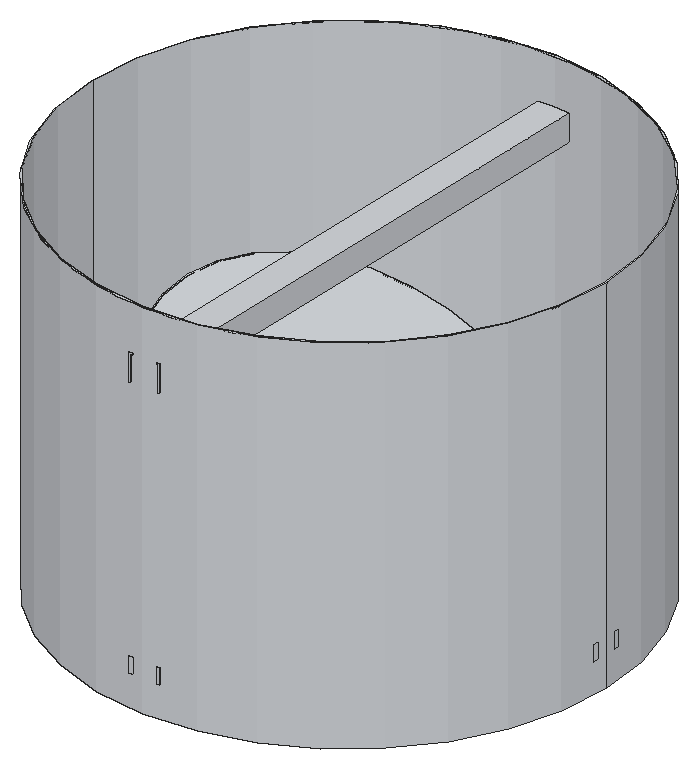
Revit family "I-200-F", category Mechanical Equipment, Revit 2015
Parameters
  X [instance] = (E / 2) / 11.4301  # 0' - 1.05807"
  URL = "https://unitedenertech.com/catalog/pdf/I-200%20Model%20(1).pdf"
  Type Comments = "Consult Factory For Max. Sizes"
  Radius 8 [instance] = Radius 7 - 0' 0 3/64"  # 1' - 0 11/64"
  Radius 7 [instance] = Radius 1 + 0' 0 1/8"  # 1' - 0 7/32"
  Radius 6 [instance] = Radius 5 - 0' 0 3/64"  # 1' - 4 61/64"
  Radius 5 [instance] = A / 2  # 1' - 5"
  Radius 4 [instance] = Radius 2 + 0' 1 1/2"  # 1' - 1 41/64"
  Radius 3 [instance] = Radius 2 + 0' 0 3/64"  # 1' - 0 3/16"
  Radius 2 [instance] = Radius 1 + 0' 0 3/64"  # 1' - 0 9/64"
  Radius 1 [instance] = E / 2  # 1' - 0 3/32"
  Model = "I-200-F"
  Manufacturer = "United Enertech Corporation"
  Keynote = "See Chart on Submittal For A, B, C, D, E, and Curb Cap Values"
  E = 2' - 0 3/16"
  Description = "Flanged Weather Resistant Vertical Discharge BDD Cap"
  C = 2' - 0"
  Ang [instance] = 4.764°
  A = 2' - 10"
Reference planes (in)
  plane 1 "Center (Front/Back)": y = 0
  plane 2: z = 0
  plane 3 "Center (Left/Right)": x = 0
  plane 4: x = -12.09375
  plane 5: x = 12.09375
  plane 6: x = -17
  plane 7: x = 17
  plane 8: x = -1
  plane 9: x = 1
  plane 10: z = 1.5
  plane 11: z = 9.5
  plane 12: z = 25.5
  plane 13: z = 10.55807
  plane 14: z = 0.0478
  plane 15: x = -12.14155
  plane 16: x = 12.14155
  plane 17: z = 8.80807
  plane 18: z = 3.5
  plane 19: z = 4.5
  plane 20: z = 22.5
  plane 21: z = 20.75
Forms (in)
  Extrusion 1, solid
    sketch origin (0, 0, 0) x (1, 0, 0) y (0, 1, 0)
      loop
        circle (0, 0) r 12.09375
      loop
        circle (0, 0) r 12.14063
    from 0 to 10.55807
  Extrusion 2, solid
    sketch origin (0, 0, 0) x (1, 0, 0) y (0, 1, 0)
      loop
        circle (0, 0) r 13.64063
      loop
        circle (0, 0) r 12.14063
    from 0 to 0.0478
  Extrusion 3, solid
    sketch origin (0, 0, 0) x (1, 0, 0) y (0, 1, 0)
      loop
        circle (0, 0) r 12.1875
      loop
        circle (0, 0) r 12.14063
    from 0 to 1.5
  Extrusion 4, void
    sketch origin (0, 0, 0) x (1, 0, 0) y (0, 0, 1)
      loop
        line (0, 10.55807) -> (-142.24777, 10.55807) -> (-142.24777, -1.29681) -> (0, 10.55807)
    from -154.07309 to 154.13631
  Extrusion 5, void
    sketch origin (0, 0, 0) x (-1, 0, 0) y (0, 0, -1)
      loop
        line (0, -10.55807) -> (-142.24777, 1.29681) -> (-142.24777, -10.55807) -> (0, -10.55807)
    from -154.07309 to 154.13631
  Extrusion 6, solid
    sketch origin (0, 0, 0) x (1, 0, 0) y (0, 0, 1)
      loop
        line (-1, 10.55807) -> (-1, 8.80807) -> (1, 8.80807) -> (1, 10.55807) -> (0.91, 10.55807) -> (0.91, 8.89807) -> (-0.91, 8.89807) -> (-0.91, 10.55807) -> (-1, 10.55807)
    from -39.23194 to 37.46824
  Extrusion 7, void
    sketch origin (0, 0, 0) x (1, 0, 0) y (0, 1, 0)
      loop
        circle (0, 0) r 41
      loop
        circle (0, 0) r 12.09375
    from 7.25562 to 17.58607
  Extrusion 8, solid
    sketch origin (0, 0, 0) x (1, 0, 0) y (0, 1, 0)
      loop
        circle (0, 0) r 16.95313
      loop
        circle (0, 0) r 17
    from 1.5 to 25.5
  Extrusion 9, solid
    sketch origin (0, 0, 0) x (1, 0, 0) y (0, 0, 1)
      loop
        line (-1, 3.5) -> (1, 3.5) -> (1, 4.5) -> (-1, 4.5) -> (-1, 3.5)
    from -38.58277 to 37.46824
  Extrusion 10, solid
    sketch origin (0, 0, 0) x (0, -1, 0) y (0, 0, -1)
      loop
        line (-1, -3.5) -> (-1, -4.5) -> (1, -4.5) -> (1, -3.5) -> (-1, -3.5)
    from -39.35038 to 37.46824
  Extrusion 11, void
    sketch origin (0, 0, 0) x (1, 0, 0) y (0, 1, 0)
      loop
        circle (0, 0) r 16.95313
      loop
        circle (0, 0) r 51
    from -6.02638 to 32.93416
  Extrusion 12, void
    sketch origin (0, 0, 0) x (1, 0, 0) y (0, 1, 0)
      loop
        circle (0, 0) r 12.14063
    from -9.27309 to 17.58607
  Extrusion 13, solid
    sketch origin (0, 0, 0) x (1, 0, 0) y (0, 0, 1)
      loop
        line (-1, 20.75) -> (-0.91, 20.75) -> (-0.91, 22.41) -> (0.91, 22.41) -> (0.91, 20.75) -> (1, 20.75) -> (1, 22.5) -> (-1, 22.5) -> (-1, 20.75)
    from -39.4975 to 41.16123
  Extrusion 14, void
    sketch origin (0, 0, 0) x (1, 0, 0) y (0, 1, 0)
      loop
        circle (0, 0) r 16.95313
      loop
        circle (0, 0) r 51
    from 46.99848 to 16.88432
  Extrusion 15, solid
    sketch origin (-5.40095, 0, 0.95951) x (0.866025, 0, -0.5) y (0, 1, 0)
      loop
        circle (0, 0) r 12.21875
    from 10.55807 to 10.60587
  Extrusion 16, solid
    sketch origin (-5.40095, 0, 0.95951) x (0.866025, 0, -0.5) y (0, 1, 0)
      loop
        circle (0, 0) r 12.21875
      loop
        circle (0, 0) r 12.17188
    from 9.55807 to 10.55807
  Extrusion 17, solid
    sketch origin (5.40095, 0, 0.95951) x (-0.866025, 0, -0.5) y (0, -1, 0)
      loop
        circle (0, 0) r 12.21875
    from 10.55807 to 10.60587
  Extrusion 18, solid
    sketch origin (5.40095, 0, 0.95951) x (-0.866025, 0, -0.5) y (0, -1, 0)
      loop
        circle (0, 0) r 12.21875
      loop
        circle (0, 0) r 12.17188
    from 9.55807 to 10.55807
  Extrusion 19, void
    sketch origin (0, 0, 0) x (1, 0, 0) y (0, 0, 1)
      loop
        line (-1, -10.7746) -> (164.89565, -10.7746) -> (164.89565, 139.2254) -> (-1, 139.2254) -> (-1, -10.7746)
    from -87.86752 to 126.64696
  Extrusion 20, void
    sketch origin (90, 0, 0) x (1, 0, 0) y (0, 0, 1)
      loop
        line (-262.06333, -10.7746) -> (-89, -10.7746) -> (-89, 139.2254) -> (-262.06333, 139.2254) -> (-262.06333, -10.7746)
    from -87.86752 to 126.64696
Cuts and joins
  Extrusion 4, Extrusion 5 cuts Extrusion 1
  Extrusion 7 cuts Extrusion 6
  Extrusion 11, Extrusion 12 cuts Extrusion 10
  Extrusion 11, Extrusion 12 cuts Extrusion 9
  Extrusion 14 cuts Extrusion 13
  Extrusion 20 cuts Extrusion 18
  Extrusion 19 cuts Extrusion 16
  Extrusion 19 cuts Extrusion 15
  Extrusion 20 cuts Extrusion 17
Dimensions and locks (in)
  equal spacing: plane 4, plane 3 "Center (Left/Right)", plane 5
  "E": plane 4 to plane 5
  equal spacing: plane 6, plane 3 "Center (Left/Right)", plane 7
  "A": plane 6 to plane 7
  locked: plane 8 to plane 3 "Center (Left/Right)" at 1
  locked: plane 3 "Center (Left/Right)" to plane 9 at 1
  locked: plane 10 to level at 1.5
  locked: plane 11 to plane 10 at 8
  "C": plane 12 to plane 10
  "X": plane 13 to plane 11
  locked: plane 14 to level at 0.0478
  locked: plane 15 to plane 4 at 0.0478
  locked: plane 5 to plane 16 at 0.0478
  locked: plane 13 to plane 17 at 1.75
  locked: plane 12 to plane 20 at 3
  locked: plane 20 to plane 21 at 1.75
  "Radius 1": radius of Extrusion 1 sketch curve
  "Radius 2": radius of Extrusion 1 sketch curve
  "Radius 2": radius of Extrusion 2 sketch curve
  "Radius 4": radius of Extrusion 2 sketch curve
  "Radius 2": radius of Extrusion 3 sketch curve
  "Radius 3": radius of Extrusion 3 sketch curve
  "Radius 1": radius of Extrusion 7 sketch curve
  "Radius 5": radius of Extrusion 8 sketch curve
  "Radius 6": radius of Extrusion 8 sketch curve
  "Radius 6": radius of Extrusion 11 sketch curve
  "Radius 2": radius of Extrusion 12 sketch curve
  "Radius 6": radius of Extrusion 14 sketch curve
  "Radius 7": radius of Extrusion 15 sketch curve
  "Radius 7": radius of Extrusion 16 sketch curve
  "Radius 8": radius of Extrusion 16 sketch curve
  "Radius 7": radius of Extrusion 17 sketch curve
  "Radius 7": radius of Extrusion 18 sketch curve
  "Radius 8": radius of Extrusion 18 sketch curve
  "Ang": angle Extrusion 4 sketch curve to Extrusion 4 sketch curve
  "Ang": angle Extrusion 5 sketch curve to Extrusion 5 sketch curve
  aligned and locked: level to plane 2
  aligned and locked: Extrusion 1 to level
  aligned and locked: Extrusion 2 to level
  aligned and locked: plane 14 to Extrusion 2
  aligned and locked: Extrusion 3 to level
  aligned and locked: plane 10 to Extrusion 3
  aligned and locked: plane 13 to cut or joined group of Extrusion 1, Extrusion 4, Extrusion 5
  aligned and locked: Extrusion 8 to plane 10
  aligned and locked: plane 12 to Extrusion 8
  aligned and locked: plane 19 to Extrusion 9 sketch curve
  aligned and locked: Extrusion 9 sketch curve to plane 18
  aligned and locked: plane 9 to Extrusion 9 sketch curve
  aligned and locked: plane 8 to Extrusion 9 sketch curve
  aligned and locked: Extrusion 19 to plane 8
  aligned and locked: plane 9 to Extrusion 20
Automatic sketch dimensions
  plane 8 to Extrusion 6 sketch curve = 0' - 0"
  Extrusion 6 sketch curve to plane 13 = 0' - 0"  (x2)
  Extrusion 6 sketch curve to plane 9 = 0' - 0"
  Extrusion 6 sketch curve to plane 17 = 0' - 0"
  Extrusion 6 sketch curve to plane 8 = 0' - 0.09"
  Extrusion 6 sketch curve to plane 9 = 0' - 0.09"
  plane 17 to Extrusion 6 sketch curve = 0' - 0.09"
  Extrusion 10 sketch curve to plane 19 = 0' - 0"
  Extrusion 10 sketch curve to plane 18 = 0' - 0"
  Extrusion 10 sketch curve to plane 1 "Center (Front/Back)" = 0' - 1"
  plane 1 "Center (Front/Back)" to Extrusion 10 sketch curve = 0' - 1"
  plane 8 to Extrusion 13 sketch curve = 0' - 0"
  Extrusion 13 sketch curve to plane 21 = 0' - 0"  (x2)
  Extrusion 13 sketch curve to plane 9 = 0' - 0"
  Extrusion 13 sketch curve to plane 20 = 0' - 0"
  Extrusion 13 sketch curve to plane 8 = 0' - 0.09"
  Extrusion 13 sketch curve to plane 9 = 0' - 0.09"
  Extrusion 13 sketch curve to plane 20 = 0' - 0.09"
  Extrusion 19 sketch curve to plane 8 = 0' - 0"
  Extrusion 19 sketch curve to plane 7 = 12' - 3.89565"
  Extrusion 19 sketch curve to level = 0' - 10.7746"
  plane 12 to Extrusion 19 sketch curve = 9' - 5.7254"
  plane 6 to Extrusion 20 sketch curve = 12' - 11.06333"
  Extrusion 20 sketch curve to Extrusion 20 sketch curve = 14' - 5.06333"
  Extrusion 20 sketch curve to level = 0' - 10.7746"
  plane 12 to Extrusion 20 sketch curve = 9' - 5.7254"
  Extrusion 1 sketch curve to Extrusion 1 sketch curve = 0' - 0"  (x2)
  plane 1 "Center (Front/Back)" to Extrusion 1 sketch curve = 0' - 0"
  Extrusion 1 sketch curve to plane 3 "Center (Left/Right)" = 0' - 0"
  Extrusion 2 sketch curve to Extrusion 2 sketch curve = 0' - 0"  (x2)
  plane 1 "Center (Front/Back)" to Extrusion 2 sketch curve = 0' - 0"
  Extrusion 2 sketch curve to plane 3 "Center (Left/Right)" = 0' - 0"
  Extrusion 3 sketch curve to Extrusion 3 sketch curve = 0' - 0"  (x2)
  plane 1 "Center (Front/Back)" to Extrusion 3 sketch curve = 0' - 0"
  Extrusion 3 sketch curve to plane 3 "Center (Left/Right)" = 0' - 0"
  Extrusion 4 sketch curve to plane 13 = 0' - 0"
  Extrusion 4 sketch curve to plane 3 "Center (Left/Right)" = 0' - 0"
  Extrusion 4 sketch curve to level = 0' - 1.29681"
  Extrusion 5 sketch curve to plane 13 = 0' - 0"
  Extrusion 5 sketch curve to plane 3 "Center (Left/Right)" = 0' - 0"
  level to Extrusion 5 sketch curve = 0' - 1.29681"
  Extrusion 7 sketch curve to Extrusion 7 sketch curve = 0' - 0"  (x2)
  plane 1 "Center (Front/Back)" to Extrusion 7 sketch curve = 0' - 0"
  Extrusion 7 sketch curve to plane 3 "Center (Left/Right)" = 0' - 0"
  Extrusion 8 sketch curve to Extrusion 8 sketch curve = 0' - 0"  (x2)
  plane 1 "Center (Front/Back)" to Extrusion 8 sketch curve = 0' - 0"
  Extrusion 8 sketch curve to plane 3 "Center (Left/Right)" = 0' - 0"
  Extrusion 11 sketch curve to Extrusion 11 sketch curve = 0' - 0"  (x2)
  plane 1 "Center (Front/Back)" to Extrusion 11 sketch curve = 0' - 0"
  Extrusion 11 sketch curve to plane 3 "Center (Left/Right)" = 0' - 0"
  plane 1 "Center (Front/Back)" to Extrusion 12 sketch curve = 0' - 0"
  Extrusion 12 sketch curve to plane 3 "Center (Left/Right)" = 0' - 0"
  Extrusion 14 sketch curve to Extrusion 14 sketch curve = 0' - 0"  (x2)
  plane 1 "Center (Front/Back)" to Extrusion 14 sketch curve = 0' - 0"
  Extrusion 14 sketch curve to plane 3 "Center (Left/Right)" = 0' - 0"
  plane 1 "Center (Front/Back)" to Extrusion 15 sketch curve = 0' - 0"
  Extrusion 16 sketch curve to Extrusion 16 sketch curve = 0' - 0"  (x3)
  plane 1 "Center (Front/Back)" to Extrusion 16 sketch curve = 0' - 0"
  plane 1 "Center (Front/Back)" to Extrusion 17 sketch curve = 0' - 0"
  Extrusion 18 sketch curve to Extrusion 18 sketch curve = 0' - 0"  (x3)
  plane 1 "Center (Front/Back)" to Extrusion 18 sketch curve = 0' - 0"
  radius of Extrusion 7 sketch curve = 3' - 5"
  radius of Extrusion 11 sketch curve = 4' - 3"
  radius of Extrusion 14 sketch curve = 4' - 3"
